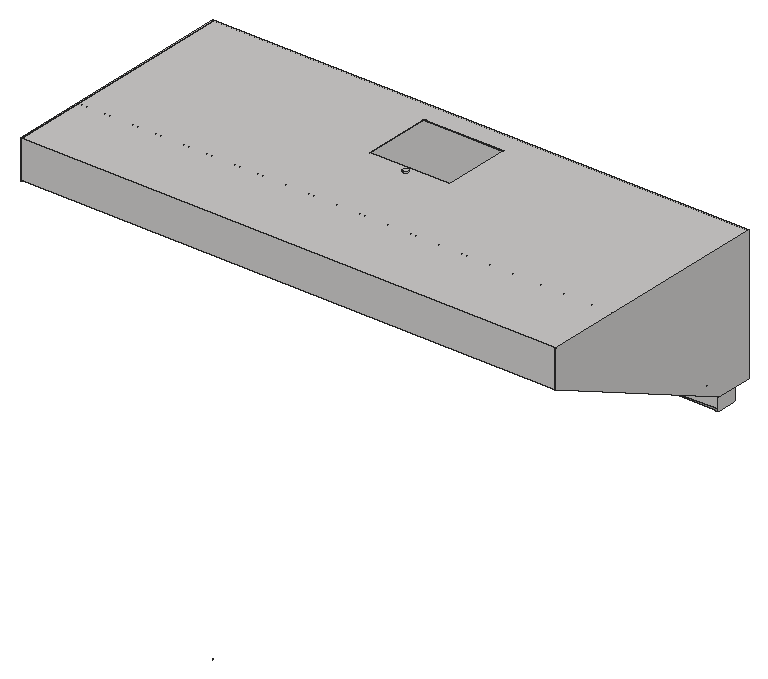
Revit family "QF_ELECTROLUXPROFESSIONAL_644185_AMPV920BT", category Specialty Equipment, Revit 2014
Reference planes
  plane 1: z = 0
  plane 2 "Center (Left/Right)": x = 150
  plane 3 "LEFT": x = -850
  plane 4 "RIGHT": x = 1150
  plane 5 "BACK": y = 550
  plane 6 "Plane": z = 2000
  plane 7 "TOP": z = 2140
  plane 8 "Base": z = 1640
  plane 9: z = 1566
  plane 10 "DrainY": y = 485
  plane 11: x = -847
  plane 12: through (0, 414.509, 1640.8) normal (0, 0.7314, 0.682)
  plane 13: y = 470
  plane 14: y = 220
  plane 15 "DrainX": x = 1030
  plane 16: x = 0
  plane 17: x = 300
  plane 18: x = 1147
  plane 19: x = 940
  plane 20: x = 1120
  plane 21: x = -810
  plane 22: x = 1110
  plane 23: x = -47.5
  plane 24: x = 347.5
  plane 25 "FRONT": y = -350
  plane 26 "Center (Front/Back)": y = 100
  plane 27: y = 200
Forms (mm)
  Extrusion 1, solid, material "QF_Finishes_Stainless Steel"
    sketch origin (-850, 0, 0) x (0, 1, 0) y (0, 0, 1)
      loop
        line (550, 1640) -> (550, 2140) -> (-350, 2140) -> (-350, 1998.736) -> (413.973, 1640) -> (550, 1640)
    from 0 to 3
  Extrusion 2, solid, material "QF_Finishes_Stainless Steel"
    sketch origin (150, 0, 0) x (0, 1, 0) y (0, 0, 1)
      loop
        line (415.255, 1640) -> (550, 1640) -> (550, 2139.19) -> (549.2, 2139.19) -> (549.2, 1640.8) -> (415.876, 1640.8) -> (339.347, 1722.867) -> (349.609, 1732.436) -> (348.927, 1733.167) -> (337.934, 1722.917) -> (415.255, 1640)
      loop
        line (-82.203, 2139.19) -> (-82.203, 2118.6) -> (-31.047, 2118.6) -> (34.354, 2048.466) -> (46.028, 2059.352) -> (45.346, 2060.083) -> (34.403, 2049.879) -> (-30.612, 2119.6) -> (-81.203, 2119.6) -> (-81.203, 2139.19) -> (-82.203, 2139.19)
    from -997 to 997
  Extrusion 3, solid, material "QF_Finishes_Stainless Steel"
    sketch origin (1150, 0, 0) x (0, 1, 0) y (0, 0, 1)
      loop
        line (550, 1640) -> (550, 2140) -> (-350, 2140) -> (-350, 1998.736) -> (413.973, 1640) -> (550, 1640)
    from 0 to -3
  Extrusion 4, solid, material "QF_Finishes_Stainless Steel"
    sketch origin (150, 0, 0) x (0, 1, 0) y (0, 0, 1)
      loop
        line (-350, 2140) -> (-350, 2000) -> (-349.2, 2000) -> (-349.2, 2139.19) -> (550, 2139.19) -> (550, 2140) -> (-350, 2140)
    from -1000 to 1000
  Extrusion 5, solid, material "QF_Finishes_Stainless Steel"
    sketch origin (150, 0, 0) x (0, 1, 0) y (0, 0, 1)
      loop
        line (534, 1640) -> (436, 1640) -> (436, 1627) -> (443.5, 1627) -> (443.5, 1576)
        arc (443.5, 1576) -> (446.429, 1568.929) -> (453.5, 1566) r 10
        line (453.5, 1566) -> (516.5, 1566)
        arc (516.5, 1566) -> (523.571, 1568.929) -> (526.5, 1576) r 10
        line (526.5, 1576) -> (526.5, 1627) -> (534, 1627) -> (534, 1640)
    from 790 to 970
  Extrusion 6, solid, material "QF_Finishes_Stainless Steel"
    sketch origin (0, 0, 1640) x (0, 1, 0) y (-1, 0, 0)
      loop
        circle (485, -1030) r 20
    from -76 to -74
  Extrusion 7, solid, material "QF_Finished_Chrome"
    sketch origin (150, 0, 0) x (0, 1, 0) y (0, 0, 1)
      loop
        line (337.934, 1722.917) -> (341.591, 1726.327) -> (38.011, 2051.876) -> (34.354, 2048.466) -> (337.934, 1722.917)
    from -197.5 to -960
  Extrusion 8, solid, material "QF_Finishes_Stainless Steel"
    sketch origin (150, 0, 0) x (0, 1, 0) y (0, 0, 1)
      loop
        line (337.934, 1722.917) -> (341.591, 1726.327) -> (38.011, 2051.876) -> (34.354, 2048.466) -> (337.934, 1722.917)
    from 997 to 960
  Extrusion 9, solid, material "QF_Finished_Chrome"
    sketch origin (150, 0, 0) x (0, 1, 0) y (0, 0, 1)
      loop
        line (341.588, 1726.324) -> (38.009, 2051.874) -> (34.354, 2048.466) -> (337.934, 1722.917) -> (341.588, 1726.324)
    from 197.5 to 960
  Extrusion 10, void
    sketch origin (0, 0, 2140) x (0, 1, 0) y (-1, 0, 0)
      loop
        line (470, -300) -> (470, 0) -> (220, 0) -> (220, -300) -> (470, -300)
    from 0 to -10
  Extrusion 11, solid, material "QF_Finishes_Stainless Steel"
    sketch origin (0, 0, 0) x (1, 0, 0) y (0, 1, 0)
      loop
        line (-850, 550) -> (-850, 549) -> (-849, 549) -> (-849, 550) -> (-850, 550)
    from 0 to 1
  Extrusion 12, solid, material "QF_Finishes_Stainless Steel"
    sketch origin (150, 0, 0) x (0, 1, 0) y (0, 0, 1)
      loop
        line (337.934, 1722.917) -> (341.591, 1726.327) -> (38.011, 2051.876) -> (34.354, 2048.466) -> (337.934, 1722.917)
    from -960 to -997
  Extrusion 13, solid, material "QF_Finishes_Stainless Steel"
    sketch origin (150, 0, 0) x (0, 1, 0) y (0, 0, 1)
      loop
        line (337.934, 1722.917) -> (341.591, 1726.327) -> (38.011, 2051.876) -> (34.354, 2048.466) -> (337.934, 1722.917)
    from 197.5 to -197.5
  Extrusion 14, solid, material "QF_Finishes_Stainless Steel"
    sketch origin (0, 0, 2140) x (0, 1, 0) y (-1, 0, 0)
      loop
        circle (200, -150) r 10
    from 0 to 1.6
Cuts and joins
  Extrusion 10 cuts Extrusion 4
  joined: Extrusion 2, Extrusion 4
Lines and regions (mm)
  reference lines
    curve 1: line (150, 34.354, 2048.466) -> (150, 34.354, 1888.466)
  symbolic lines, style "SpecialityEquipment", detail levels coarse
    curve 2: line (1150, 550, 2140) -> (-850, 550, 2140)
    curve 3: line (-850, 550, 2140) -> (-850, -350, 2140)
    curve 4: line (1150, -350, 2140) -> (1150, 550, 2140)
    curve 5: line (-850, -350, 2140) -> (1150, -350, 2140)
    curve 6: line (300, 220, 2140) -> (0, 220, 2140)
    curve 7: line (300, 470, 2140) -> (300, 220, 2140)
    curve 8: line (0, 470, 2140) -> (300, 470, 2140)
    curve 9: line (0, 220, 2140) -> (0, 470, 2140)
    curve 10: line (-850, 550, 0) -> (1150, -350, 0)
    curve 11: line (1150, 550, 0) -> (-850, -350, 0)
Dimensions and locks
  plane 3 "LEFT" to plane 4 "RIGHT" = 2000 mm
  equal spacing: plane 3 "LEFT", plane 2 "Center (Left/Right)", plane 4 "RIGHT"
  locked: plane 6 "Plane" to level at 2000
  plane 7 "TOP" to plane 6 "Plane" = 140 mm
  locked: plane 7 "TOP" to plane 8 "Base" at 500
  plane 8 "Base" to plane 9 = 74 mm
  plane 5 "BACK" to plane 10 "DrainY" = 65 mm  (x2)
  plane 3 "LEFT" to plane 11 = 3 mm
  plane 5 "BACK" to plane 13 = 80 mm
  plane 13 to plane 14 = 250 mm  (x2)
  plane 15 "DrainX" to plane 4 "RIGHT" = 120 mm
  plane 18 to plane 4 "RIGHT" = 3 mm
  locked: plane 19 to plane 15 "DrainX" at 90
  locked: plane 15 "DrainX" to plane 20 at 90
  plane 13 to plane 5 "BACK" = 80 mm
  locked: plane 3 "LEFT" to plane 21 at 40
  locked: plane 22 to plane 4 "RIGHT" at 40
  locked: plane 23 to plane 24 at 395
  equal spacing: plane 23, plane 2 "Center (Left/Right)", plane 24
  locked: plane 16 to plane 17 at 300
  equal spacing: plane 16, plane 2 "Center (Left/Right)", plane 17
  plane 5 "BACK" to plane 25 "FRONT" = 900 mm  (x2)
  equal spacing: plane 5 "BACK", plane 26 "Center (Front/Back)", plane 25 "FRONT"
  plane 14 to plane 27 = 20 mm
  aligned and locked: level to plane 1
  aligned and locked: Extrusion 2 to Extrusion 1
  aligned and locked: Extrusion 2 to Extrusion 3
  aligned and locked: plane 4 "RIGHT" to Extrusion 4
  aligned and locked: Extrusion 4 to plane 3 "LEFT"
  aligned and locked: plane 18 to Extrusion 8
  aligned and locked: Extrusion 10 to plane 16
  aligned and locked: Extrusion 10 to plane 14
  aligned and locked: Extrusion 10 to plane 13
  aligned and locked: Extrusion 2 to Extrusion 4
  aligned and locked: plane 20 to Extrusion 5
  aligned and locked: Extrusion 5 to plane 19
  aligned and locked: Extrusion 8 to plane 22
  aligned and locked: Extrusion 9 to plane 22
  aligned and locked: Extrusion 7 to plane 21
  aligned and locked: Extrusion 12 to plane 11
  aligned and locked: plane 21 to Extrusion 12
  aligned and locked: Extrusion 3 to plane 18
  aligned and locked: Extrusion 10 to plane 17
  aligned and locked: plane 17 to curve 7
  aligned and locked: plane 24 to Extrusion 13
  aligned and locked: Extrusion 13 to plane 23
  aligned and locked: Extrusion 9 to plane 24
Automatic sketch dimensions
  curve 5 to plane 4 "RIGHT" = 0 mm
  curve 6 to plane 14 = 0 mm
  plane 13 to curve 8 = 0 mm
  curve 3 to plane 3 "LEFT" = 0 mm
  curve 3 to plane 5 "BACK" = 0 mm
  curve 6 to plane 16 = 0 mm
  Extrusion 2 sketch curve to plane 12 = 0 mm  (x3)
  Extrusion 2 sketch curve to plane 8 "Base" = 0 mm
  plane 12 to Extrusion 2 sketch curve = 0 mm
  Extrusion 2 sketch curve to plane 5 "BACK" = 0 mm
  Extrusion 2 sketch curve to Extrusion 2 sketch curve = 65.646 mm
  Extrusion 2 sketch curve to Extrusion 2 sketch curve = 0.682 mm  (x2)
  Extrusion 2 sketch curve to Extrusion 2 sketch curve = 10.261 mm
  plane 8 "Base" to Extrusion 2 sketch curve = 82.917 mm
  Extrusion 2 sketch curve to Extrusion 2 sketch curve = 10.942 mm
  Extrusion 2 sketch curve to Extrusion 2 sketch curve = 0.049 mm
  Extrusion 2 sketch curve to plane 7 "TOP" = 20.4 mm
  Extrusion 2 sketch curve to plane 7 "TOP" = 21.4 mm
  Extrusion 2 sketch curve to plane 7 "TOP" = 0.81 mm  (x2)
  Extrusion 2 sketch curve to Extrusion 2 sketch curve = 50.156 mm
  Extrusion 2 sketch curve to Extrusion 2 sketch curve = 1 mm
  plane 8 "Base" to Extrusion 2 sketch curve = 0.8 mm
  Extrusion 2 sketch curve to plane 5 "BACK" = 0.8 mm
  Extrusion 4 sketch curve to plane 6 "Plane" = 0 mm
  Extrusion 4 sketch curve to plane 5 "BACK" = 0 mm
  Extrusion 4 sketch curve to plane 7 "TOP" = 0 mm
  Extrusion 4 sketch curve to plane 7 "TOP" = 0.81 mm
  curve 1 to plane 12 = 0 mm
  curve 1 to plane 6 "Plane" = 111.534 mm
  Extrusion 5 sketch curve to plane 8 "Base" = 0 mm
  Extrusion 5 sketch curve to plane 9 = 0 mm
  Extrusion 5 sketch curve to plane 8 "Base" = 13 mm  (x2)
  plane 13 to Extrusion 5 sketch curve = 34 mm
  Extrusion 5 sketch curve to Extrusion 5 sketch curve = 7.5 mm  (x2)
  Extrusion 5 sketch curve to Extrusion 5 sketch curve = 10 mm
  plane 10 "DrainY" to Extrusion 5 sketch curve = 31.5 mm
  Extrusion 5 sketch curve to plane 5 "BACK" = 23.5 mm
  Extrusion 6 sketch curve to plane 10 "DrainY" = 0 mm
  Extrusion 6 sketch curve to plane 15 "DrainX" = 0 mm
  Extrusion 7 sketch curve to plane 12 = 0 mm  (x2)
  Extrusion 7 sketch curve to Extrusion 7 sketch curve = 3.657 mm
  plane 8 "Base" to Extrusion 7 sketch curve = 82.917 mm
  Extrusion 8 sketch curve to plane 12 = 0 mm  (x2)
  Extrusion 8 sketch curve to Extrusion 8 sketch curve = 3.657 mm
  plane 8 "Base" to Extrusion 8 sketch curve = 82.917 mm
  Extrusion 9 sketch curve to plane 12 = 0 mm  (x2)
  Extrusion 9 sketch curve to Extrusion 9 sketch curve = 3.655 mm
  plane 8 "Base" to Extrusion 9 sketch curve = 82.917 mm
  Extrusion 10 sketch curve to plane 14 = 0 mm
  plane 13 to Extrusion 10 sketch curve = 0 mm
  Extrusion 10 sketch curve to plane 17 = 0 mm
  Extrusion 10 sketch curve to plane 16 = 0 mm
  Extrusion 11 sketch curve to plane 3 "LEFT" = 0 mm
  Extrusion 11 sketch curve to plane 5 "BACK" = 0 mm
  plane 3 "LEFT" to Extrusion 11 sketch curve = 1 mm
  Extrusion 11 sketch curve to Extrusion 11 sketch curve = 1 mm
  Extrusion 12 sketch curve to plane 12 = 0 mm  (x2)
  Extrusion 12 sketch curve to Extrusion 12 sketch curve = 3.657 mm
  plane 8 "Base" to Extrusion 12 sketch curve = 82.917 mm
  Extrusion 13 sketch curve to plane 12 = 0 mm  (x2)
  Extrusion 13 sketch curve to Extrusion 13 sketch curve = 3.657 mm
  plane 8 "Base" to Extrusion 13 sketch curve = 82.917 mm
  Extrusion 4 sketch curve to Extrusion 4 sketch curve = 0.8 mm
  curve 5 to plane 14 = 570 mm
  plane 6 "Plane" to Extrusion 2 sketch curve = 48.466 mm
  Extrusion 4 sketch curve to plane 14 = 569.2 mm
  curve 1 to plane 14 = 185.646 mm
  plane 6 "Plane" to Extrusion 7 sketch curve = 51.876 mm
  plane 6 "Plane" to Extrusion 8 sketch curve = 51.876 mm
  plane 6 "Plane" to Extrusion 9 sketch curve = 51.874 mm
  plane 6 "Plane" to Extrusion 12 sketch curve = 51.876 mm
  plane 6 "Plane" to Extrusion 13 sketch curve = 51.876 mm
  Extrusion 3 sketch curve to plane 7 "TOP" = 0 mm
  Extrusion 3 sketch curve to plane 8 "Base" = 0 mm
  Extrusion 3 sketch curve to plane 5 "BACK" = 0 mm
  Extrusion 3 sketch curve to plane 25 "FRONT" = 0 mm
  plane 13 to Extrusion 3 sketch curve = 56.027 mm
  Extrusion 3 sketch curve to plane 6 "Plane" = 1.264 mm
  Extrusion 1 sketch curve to plane 7 "TOP" = 0 mm
  Extrusion 1 sketch curve to plane 8 "Base" = 0 mm
  Extrusion 1 sketch curve to plane 12 = 0.937 mm
  Extrusion 1 sketch curve to plane 5 "BACK" = 0 mm
  Extrusion 1 sketch curve to plane 25 "FRONT" = 0 mm
  Extrusion 1 sketch curve to plane 6 "Plane" = 1.264 mm
  curve 11 to plane 3 "LEFT" = 0 mm
  curve 10 to plane 3 "LEFT" = 0 mm
  curve 11 to plane 4 "RIGHT" = 0 mm
  curve 10 to plane 4 "RIGHT" = 0 mm
  curve 10 to plane 25 "FRONT" = 0 mm
  curve 11 to plane 25 "FRONT" = 0 mm
  curve 11 to plane 5 "BACK" = 0 mm
  curve 10 to plane 5 "BACK" = 0 mm
  Extrusion 14 sketch curve to plane 2 "Center (Left/Right)" = 0 mm
  Extrusion 14 sketch curve to plane 27 = 0 mm
  radius of Extrusion 6 sketch curve = 20 mm
  radius of Extrusion 14 sketch curve = 10 mm
Connectors
  piping at (1030, 485, 1564), diameter 20
    settings: on Extrusion 6, index 1, connector inside diameter 609.6 mm, connector length 0 mm, flow factor 0, pipe flow 0.0 L/s, pressure drop 0.0 Pa, fitting loss kfactor 0, connector angle 0.00°, fixture units 0, engagement length 0 mm, angle of deflection 0.00°, flow configuration 1, flow direction 2, fitting loss method 0, system type 16, joint type 0, gender type 0, connector reference index -1, connector utility 0, adjustable connector no, is connector primary yes, connector description "Drain"
  hvac at (150, 345, 2140)
    settings: on Extrusion 10, index 2, duct flow 0.0 L/s, flow factor 0, pres drop 0.0 Pa, loss coef 0, conn angle 0.00°, conn width 250 mm, conn height 300 mm, conn diameter 609.6 mm, duct sys type 3, conn prof type 1, flow config 0, flow direction 2, loss method 0, conn ref index -1, conn util no, is conn primary yes, conn desc "EXHAUST OUTLET"
  electrical at (150, 200, 2141.6)
    settings: on Extrusion 14, index 3, voltage 0 V, apparent load 0 VA, apparent load phase1 0 VA, apparent load phase2 0 VA, apparent load phase3 0 VA, power factor 1, load classification "Other", number of poles 1, system type 30, power factor state 1, is connector primary yes, connector utility no, sub classification motor no, connector description "Electrical Connection"
